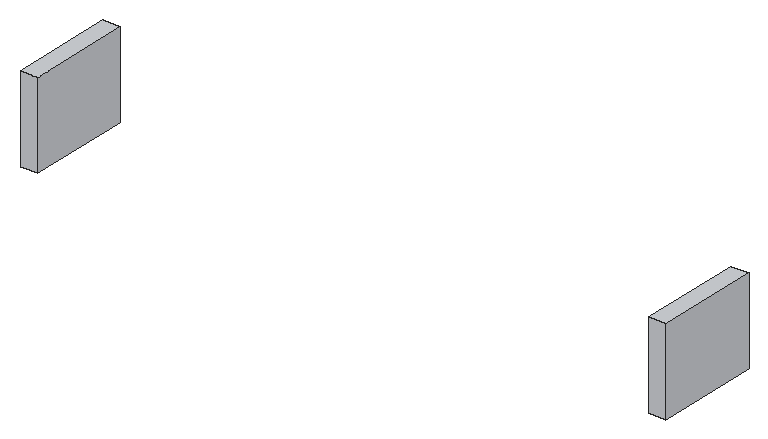
Revit family "ОВ_установка_default", category Оборудование, Revit 2022
Family settings
  Размер круглого соединителя = Использовать диаметр
  Классификация = Нет
  Тип детали = Нормальный
  На основе рабочей плоскости = Нет
  Всегда вертикально = Да
  При загрузке вырезать с полостями = Нет
  Сохранять ориентацию аннотаций = Нет
  Общий = Нет
  Точка принадлежности помещению = Нет
Parameters
  Отметка по умолчанию = 0 mm
  Выпуск_Длина [instance] = 100 mm
  Впуск_Ширина [instance] = 600 mm
  Выпуск_Ширина [instance] = 600 mm
  Выпуск_Отступ [instance] = 100 mm
  Выпуск_Высота [instance] = 500 mm
  Впуск_Снизу [instance] = no
  Впуск_Посередине [instance] = yes
  Впуск_Оступ [instance] = 100 mm
  Впуск_Длина [instance] = 100 mm
  Впуск_Высота [instance] = 500 mm
  Выпуск_Снизу [instance] = no
  Выпуск_Посередине [instance] = yes
  Выпуск_b [instance] = if(Выпуск_Посередине, (ADSK_Размер_Высота / 2) - (Выпуск_Высота / 2), if(Выпуск_Снизу, ADSK_Размер_Высота - Выпуск_Высота, 0 mm))  # 286.069 mm
  Впуск_b [instance] = if(Впуск_Посередине, (ADSK_Размер_Высота / 2) - (Впуск_Высота / 2), if(Впуск_Снизу, ADSK_Размер_Высота - Впуск_Высота, 0 mm))  # 286.069 mm
  ADSK_Размер_Ширина [instance] = 1360 mm
  ADSK_Размер_Длина [instance] = 3760 mm
  ADSK_Размер_Высота = 1072.138 mm
Reference planes
  plane 1 "По центру (Вперед/Назад)": y = 0
  plane 2: z = 0
  plane 3 "По центру (Влево/Вправо)": x = 0
  plane 4: x = -1880
  plane 5: x = 1880
  plane 6: y = 680
  plane 7: y = -680
  plane 8: z = 1072.138
  plane 9: z = 786.069
  plane 10: z = 286.069
  plane 11: y = 300
  plane 12: y = -300
  plane 13: y = 300
  plane 14: y = -300
  plane 15: z = 0
  plane 16: z = 286.069
  plane 17 "Начало оборудования": x = -1780
  plane 18: x = 1780
  plane 19: z = 786.069
Dimensions and locks
  equal spacing: plane 6, plane 1 "По центру (Вперед/Назад)", plane 7
  "ADSK_Размер_Ширина": plane 6 to plane 7
  equal spacing: plane 4, plane 3 "По центру (Влево/Вправо)", plane 5
  "ADSK_Размер_Длина": plane 4 to plane 5
  "ADSK_Размер_Высота": level to plane 8
  "Выпуск_b": plane 9 to plane 8
  "Выпуск_Высота": plane 10 to plane 9
  equal spacing: plane 11, plane 1 "По центру (Вперед/Назад)", plane 12
  "Выпуск_Ширина": plane 11 to plane 12
  equal spacing: plane 13, plane 1 "По центру (Вперед/Назад)", plane 14
  "Впуск_Ширина": plane 13 to plane 14
  "Выпуск_Длина": plane 4 to plane 17 "Начало оборудования"
  "Впуск_Длина": plane 18 to plane 5
  "Впуск_b": plane 8 to plane 19
  "Впуск_Высота": plane 19 to plane 16
  aligned and locked: level to plane 2
  aligned and locked: plane 5 to nested 2
  aligned and locked: plane 9 to nested 2
  aligned and locked: nested 1 to plane 16
Nested families
  nested 1: "Элементы установки" at (-1830, 0, 286.069), ADSK_Размер_Высота <- "Впуск_Высота", ADSK_Размер_Ширина <- "Впуск_Ширина", ADSK_Размер_Длина <- "Выпуск_Длина", type "Без УГО"
    with ADSK_Размер_Ширина 600 mm, ADSK_Размер_Длина 100 mm, ADSK_Размер_Высота 500 mm
  nested 2: "Элементы установки" at (1830, 0, 286.069), ADSK_Размер_Высота <- "Выпуск_Высота", ADSK_Размер_Ширина <- "Выпуск_Ширина", ADSK_Размер_Длина <- "Впуск_Длина", type "Без УГО"
    with ADSK_Размер_Ширина 600 mm, ADSK_Размер_Длина 100 mm, ADSK_Размер_Высота 500 mm
Definition of nested family "Элементы установки"
  Parameters (values of type "Воздухоохладитель")
    Фильтр = no
    Default Elevation = 0 mm
    Воздухоохладитель = yes
    Воздухонагреватель = no
    Вентилятор = no
    ADSK_Размер_Ширина [instance] = 500 mm
    ADSK_Размер_Длина [instance] = 920 mm
    ADSK_Размер_Высота [instance] = 800 mm
  Types (5, lengths in mm): name | Фильтр | Воздухоохладитель | Воздухонагреватель | Вентилятор
    Вентилятор | no | no | no | yes
    Фильтр | yes | no | no | no
    Без УГО | no | no | no | no
    Воздухонагреватель | no | no | yes | no
    Воздухоохладитель | no | yes | no | no
  Reference planes
    plane 1 "По центру (Вперед/Назад)": y = 0
    plane 2 "Снизу": z = 0
    plane 3 "По центру (Влево/Вправо)": x = 0
    plane 4 "Слева": x = -460
    plane 5 "Справа": x = 460
    plane 6 "Сзади": y = 250
    plane 7 "Спереди": y = -250
    plane 8 "Сверху": z = 800
  Forms (mm)
    Extrusion 1, solid
      sketch origin (0, 0, 0) x (1, 0, 0) y (0, 1, 0)
        loop
          line (-460, 250) -> (-460, -250) -> (460, -250) -> (460, 250) -> (-460, 250)
      from 0 to 800
  Dimensions and locks
    equal spacing: plane 4 "Слева", plane 3 "По центру (Влево/Вправо)", plane 5 "Справа"
    "ADSK_Размер_Длина": plane 4 "Слева" to plane 5 "Справа"
    equal spacing: plane 6 "Сзади", plane 1 "По центру (Вперед/Назад)", plane 7 "Спереди"
    "ADSK_Размер_Ширина": plane 6 "Сзади" to plane 7 "Спереди"
    "ADSK_Размер_Высота": level to plane 8 "Сверху"
    aligned and locked: level to plane 2 "Снизу"
    aligned and locked: Extrusion 1 sketch curve to plane 6 "Сзади"
    aligned and locked: plane 4 "Слева" to Extrusion 1 sketch curve
    aligned and locked: plane 7 "Спереди" to Extrusion 1 sketch curve
    aligned and locked: Extrusion 1 sketch curve to plane 5 "Справа"
    aligned and locked: plane 8 "Сверху" to Extrusion 1
    aligned and locked: plane 4 "Слева" to nested 1
    aligned and locked: plane 2 "Снизу" to nested 1
    aligned and locked: plane 4 "Слева" to nested 2
    aligned and locked: plane 7 "Спереди" to nested 2
    aligned and locked: plane 4 "Слева" to nested 3
    aligned and locked: nested 3 to plane 8 "Сверху"
    aligned and locked: nested 5 to Extrusion 1  (x2)
    aligned and locked: nested 6 to Extrusion 1  (x3)
    aligned and locked: nested 4 to Extrusion 1  (x2)
    aligned and locked: nested 8 to Extrusion 1  (x2)
    aligned and locked: nested 9 to Extrusion 1  (x2)
    aligned and locked: nested 7 to Extrusion 1  (x2)
  Nested families
    nested 1: "УГО_Вентилятор" at (0, -250, 400) x (1, 0, 0) z (0, -1, 0), ADSK_Размер_Высота <- "ADSK_Размер_Высота", ADSK_Размер_Длина <- "ADSK_Размер_Длина", Вентилятор <- "Вентилятор", Фильтр <- "Фильтр", type "УГО_Вентилятор"
      with Фильтр no, Воздухоохладитель no, Воздухонагреватель no, Вентилятор no, l 554.256 mm, i 512 mm, a 160 mm, ADSK_Размер_Длина 920 mm, ADSK_Размер_Диаметр 640 mm, ADSK_Размер_Высота 800 mm
    nested 2: "УГО_Вентилятор" at (0, 0, 800), ADSK_Размер_Высота <- "ADSK_Размер_Ширина", ADSK_Размер_Длина <- "ADSK_Размер_Длина", Вентилятор <- "Вентилятор", Фильтр <- "Фильтр", type "УГО_Вентилятор"
      with Фильтр no, Воздухоохладитель no, Воздухонагреватель no, Вентилятор no, l 346.41 mm, i 320 mm, a 100 mm, ADSK_Размер_Длина 920 mm, ADSK_Размер_Диаметр 400 mm, ADSK_Размер_Высота 500 mm
    nested 3: "УГО_Вентилятор" at (0, 250, 400) x (1, 0, 0) z (0, 1, 0), ADSK_Размер_Высота <- "ADSK_Размер_Высота", ADSK_Размер_Длина <- "ADSK_Размер_Длина", Вентилятор <- "Вентилятор", Фильтр <- "Фильтр", type "УГО_Вентилятор"
      with Фильтр no, Воздухоохладитель no, Воздухонагреватель no, Вентилятор no, l 554.256 mm, i 512 mm, a 160 mm, ADSK_Размер_Длина 920 mm, ADSK_Размер_Диаметр 640 mm, ADSK_Размер_Высота 800 mm
    nested 4: "УГО_Вентилятор" at (0, 250, 400) x (1, 0, 0) z (0, 1, 0), ADSK_Размер_Длина <- "ADSK_Размер_Длина", ADSK_Размер_Высота <- "ADSK_Размер_Высота", visible <- "Воздухонагреватель", type "Воздухонагреватель"
      with Фильтр no, Воздухоохладитель no, Воздухонагреватель yes, Вентилятор no, l 554.256 mm, i 512 mm, a 160 mm, ADSK_Размер_Длина 920 mm, ADSK_Размер_Диаметр 640 mm, ADSK_Размер_Высота 800 mm
    nested 5: "УГО_Вентилятор" at (0, -250, 400) x (-1, 0, 0) z (0, -1, 0), ADSK_Размер_Высота <- "ADSK_Размер_Высота", ADSK_Размер_Длина <- "ADSK_Размер_Длина", visible <- "Воздухонагреватель", type "Воздухонагреватель"
      with Фильтр no, Воздухоохладитель no, Воздухонагреватель yes, Вентилятор no, l 554.256 mm, i 512 mm, a 160 mm, ADSK_Размер_Длина 920 mm, ADSK_Размер_Диаметр 640 mm, ADSK_Размер_Высота 800 mm
    nested 6: "УГО_Вентилятор" at (0, 0, 800), ADSK_Размер_Длина <- "ADSK_Размер_Длина", ADSK_Размер_Высота <- "ADSK_Размер_Ширина", visible <- "Воздухонагреватель", type "Воздухонагреватель"
      with Фильтр no, Воздухоохладитель no, Воздухонагреватель yes, Вентилятор no, l 346.41 mm, i 320 mm, a 100 mm, ADSK_Размер_Длина 920 mm, ADSK_Размер_Диаметр 400 mm, ADSK_Размер_Высота 500 mm
    nested 7: "УГО_Вентилятор" at (0, -250, 400) x (-1, 0, 0) z (0, -1, 0), ADSK_Размер_Высота <- "ADSK_Размер_Высота", ADSK_Размер_Длина <- "ADSK_Размер_Длина", visible <- "Воздухоохладитель", type "Воздухоохладитель"
      with Фильтр no, Воздухоохладитель yes, Воздухонагреватель no, Вентилятор no, l 554.256 mm, i 512 mm, a 160 mm, ADSK_Размер_Длина 920 mm, ADSK_Размер_Диаметр 640 mm, ADSK_Размер_Высота 800 mm
    nested 8: "УГО_Вентилятор" at (0, 250, 400) x (1, 0, 0) z (0, 1, 0), ADSK_Размер_Высота <- "ADSK_Размер_Высота", ADSK_Размер_Длина <- "ADSK_Размер_Длина", visible <- "Воздухоохладитель", type "Воздухоохладитель"
      with Фильтр no, Воздухоохладитель yes, Воздухонагреватель no, Вентилятор no, l 554.256 mm, i 512 mm, a 160 mm, ADSK_Размер_Длина 920 mm, ADSK_Размер_Диаметр 640 mm, ADSK_Размер_Высота 800 mm
    nested 9: "УГО_Вентилятор" at (0, 0, 800), ADSK_Размер_Высота <- "ADSK_Размер_Ширина", ADSK_Размер_Длина <- "ADSK_Размер_Длина", visible <- "Воздухоохладитель", type "Воздухоохладитель"
      with Фильтр no, Воздухоохладитель yes, Воздухонагреватель no, Вентилятор no, l 346.41 mm, i 320 mm, a 100 mm, ADSK_Размер_Длина 920 mm, ADSK_Размер_Диаметр 400 mm, ADSK_Размер_Высота 500 mm
  Definition of nested family "УГО_Вентилятор"
    Parameters (values of type "Воздухонагреватель")
      Фильтр [instance] = no
      Default Elevation = 1219.2 mm
      Воздухоохладитель [instance] = no
      Воздухонагреватель [instance] = yes
      Вентилятор [instance] = no
      l [instance] = ADSK_Размер_Диаметр * cos(30.00°)  # 381.051 mm
      i [instance] = ADSK_Размер_Диаметр - ADSK_Размер_Диаметр / 100 * 20  # 352 mm
      a [instance] = ADSK_Размер_Диаметр / 4  # 110 mm
      ADSK_Размер_Длина [instance] = 1000 mm
      ADSK_Размер_Диаметр [instance] = if(ADSK_Размер_Длина > ADSK_Размер_Высота, ADSK_Размер_Высота * 0.8, ADSK_Размер_Длина * 0.8)  # 440 mm
      ADSK_Размер_Высота [instance] = 550 mm
    Types (5, lengths in mm): name | Фильтр | Воздухоохладитель | Воздухонагреватель | Вентилятор | l | i | a | ADSK_Размер_Диаметр | ADSK_Размер_Высота
      (no name) | no | no | yes | no | 692.82 | 640 | 200 | 800 | 1100
      Вентилятор | no | no | no | yes | 692.82 | 640 | 200 | 800 | 1100
      Фильтр | yes | no | no | no | 692.82 | 640 | 200 | 800 | 1100
      Воздухонагреватель | no | no | yes | no | 381.051 | 352 | 110 | 440 | 550
      Воздухоохладитель | no | yes | no | no | 692.82 | 640 | 200 | 800 | 1100
    Reference planes
      plane 1 "По центру (Вперед/Назад)": y = 0
      plane 2: z = 0
      plane 3 "По центру (Влево/Вправо)": x = 0
      plane 4: y = 275
      plane 5: y = -275
      plane 6: x = -500
      plane 7: x = 500
      plane 8: y = 137.5
      plane 9: y = -137.5
    Forms (mm)
      Extrusion 1, solid, visible <- "Вентилятор"
        sketch origin (0, 0, 0) x (1, 0, 0) y (0, 1, 0)
          loop
            line (220, 0) -> (-110, 190.526) -> (-110, -190.526) -> (220, 0)
        from 0 to 1
    Lines and regions (mm)
      model lines
        curve 1: line (-500, 275, 0) -> (500, 275, 0)
        curve 2: line (-500, -275, 0) -> (-500, 275, 0)
        curve 3: line (500, -275, 0) -> (-500, -275, 0)
        curve 4: line (500, 275, 0) -> (500, -275, 0)
      model lines, visible <- "Вентилятор"
        curve 5: circle (0, 0, 0) r 220 normal (0, 0, 1)
      model lines, visible <- "Фильтр"
        curve 6: line (500, 275, 0) -> (-500, 137.5, 0)
        curve 7: line (500, 0, 0) -> (-500, -137.5, 0)
        curve 8: line (500, -275, 0) -> (-500, -137.5, 0)
        curve 9: line (-500, 137.5, 0) -> (500, 0, 0)
      model lines, visible <- "Воздухонагреватель"
        curve 10: circle (0, 0, 0) r 220 normal (0, 0, 1)
        curve 11: line (0, 176, 0) -> (0, -176, 0)
        curve 12: line (-176, 0, 0) -> (176, 0, 0)
      model lines, visible <- "Воздухоохладитель"
        curve 13: circle (0, 0, 0) r 220 normal (0, 0, 1)
        curve 14: line (-176, 0, 0) -> (176, 0, 0)
    Dimensions and locks
      equal spacing: plane 4, plane 1 "По центру (Вперед/Назад)", plane 5
      "ADSK_Размер_Высота": plane 4 to plane 5
      equal spacing: plane 6, plane 3 "По центру (Влево/Вправо)", plane 7
      "ADSK_Размер_Длина": plane 6 to plane 7
      "a": Extrusion 1 sketch curve to plane 3 "По центру (Влево/Вправо)"
      "l": Extrusion 1 sketch curve to Extrusion 1 sketch curve
      equal spacing: plane 4, plane 8, plane 1 "По центру (Вперед/Назад)"
      equal spacing: plane 5, plane 9, plane 1 "По центру (Вперед/Назад)"
      equal spacing: curve 11, plane 1 "По центру (Вперед/Назад)", curve 11
      "i": curve 11 to curve 11
      equal spacing: curve 12, plane 3 "По центру (Влево/Вправо)", curve 12
      "i": curve 12 to curve 12
      equal spacing: curve 14, plane 3 "По центру (Влево/Вправо)", curve 14
      "i": curve 14 to curve 14
      "ADSK_Размер_Диаметр": diameter of curve 5
      "ADSK_Размер_Диаметр": diameter of curve 10
      "ADSK_Размер_Диаметр": diameter of curve 13
      locked: Extrusion 1 sketch curve to plane 1 "По центру (Вперед/Назад)" (angle 30.00°)
      locked: plane 1 "По центру (Вперед/Назад)" to Extrusion 1 sketch curve (angle 30.00°)
      aligned and locked: level to plane 2
      aligned and locked: curve 1 to plane 4
      aligned and locked: plane 5 to curve 3
      aligned and locked: plane 3 "По центру (Влево/Вправо)" to curve 5
      aligned and locked: plane 1 "По центру (Вперед/Назад)" to curve 5
      aligned and locked: plane 6 to curve 9
      aligned and locked: plane 8 to curve 9
      aligned and locked: plane 7 to curve 9
      aligned and locked: plane 1 "По центру (Вперед/Назад)" to curve 7
      aligned and locked: plane 6 to curve 8
      aligned and locked: plane 7 to curve 8
      aligned and locked: plane 3 "По центру (Влево/Вправо)" to curve 10
      aligned and locked: plane 1 "По центру (Вперед/Назад)" to curve 10
      aligned and locked: plane 3 "По центру (Влево/Вправо)" to curve 13
      aligned and locked: plane 1 "По центру (Вперед/Назад)" to curve 13
    Automatic sketch dimensions
      curve 11 to plane 3 "По центру (Влево/Вправо)" = 0 mm
      curve 7 to plane 9 = 0 mm
      plane 1 "По центру (Вперед/Назад)" to curve 12 = 0 mm
      plane 1 "По центру (Вперед/Назад)" to curve 14 = 0 mm
      curve 6 to plane 8 = 0 mm
      plane 1 "По центру (Вперед/Назад)" to Extrusion 1 sketch curve = 0 mm
